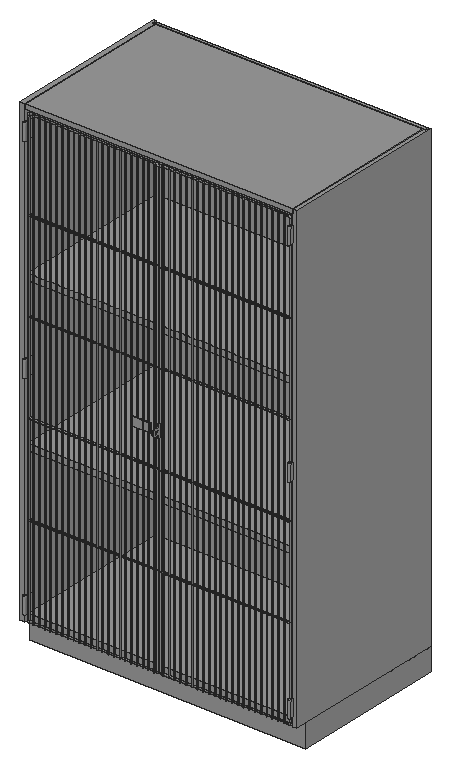
Revit family "TMI_M3028-Music_WireDoors1", category Casework, Revit 2016
Family settings
  OmniClass Number = 23.40.35.14.11
  OmniClass Title = Modular Casework
  Work Plane-Based = No
  Always vertical = Yes
  Cut with Voids When Loaded = No
  Shared = No
  Room Calculation Point = No
Parameters (values of type "48" x 84-1/2" x 29"")
  URL = "www.tmisystems.com"
  Toe Kick Height = 4"
  Toe Kick Depth = 2"
  Shelf Thickness = 1 1/8"
  Model = "M3028/M5028"
  Manufacturer = "TMI Systems Corporation"
  Interior Finish = none
  Individual Wire Grille Doors [instance] = not(Full Height Wire Grille Door)  # no
  Full Height Wire Grille Door [instance] = yes
  Filler Width (Left) [instance] = 3"
  Filler Right [instance] = no
  Filler Left [instance] = no
  Filler Width (Right) [instance] = 3"
  Description = "Baritone Saxophone, Bass Clarinet, Bassoon, Field Drums, Snare Drums"
  Depth = 29"
  Height = 84 1/2"
  Width = 48"
  Casework Thickness = 3/4"
  Casework Back Thickness = 1/2"
  Cabinet Finish = Plastic Laminate
  Assembly Code = ""
Types (2): name | Depth
  48" x 84-1/2" x 29" | 29"
  48" x 84-1/2" x 39" | 39"
Reference planes (in)
  plane 1 "Back": y = 15
  plane 2: z = 0
  plane 3 "Center (Left/Right)": x = 0.7377
  plane 4 "Left": x = -23.2623
  plane 5 "Right": x = 24.7377
  plane 6 "Front": y = -14
  plane 7 "Top": z = 84.5
  plane 8: y = 14.375
  plane 9: x = -22.5123
  plane 10: x = 23.9877
  plane 11: z = 83.75
  plane 12: y = 14.875
  plane 13: y = -12
  plane 14: z = 4
  plane 15: z = 5.125
  plane 16: y = -13.61906
  plane 17: y = -11.25
  plane 18: y = -13.25
  plane 19: z = 58.04167
  plane 20: y = -13.49461
  plane 21: z = 42.25
  plane 22: z = 83.25
  plane 23: x = 24.3627
  plane 24: x = -22.8873
  plane 25: z = 31.58333
  plane 26: y = -13.60344
  plane 27: x = -0.5748
  plane 28: y = -14.125
  plane 29: z = 70.88542
  plane 30: z = 44.33333
  plane 31: z = 17.87603
  plane 32: x = -3.7623
  plane 33: z = 42.83333
  plane 34: z = 69.38542
  plane 35: z = 16.37603
  plane 36: z = 42.5625
  plane 37: z = 41.0625
Forms (in)
  Extrusion 1, solid, material "Plastic Laminate" <- "Cabinet Finish"
    sketch origin (0, 0.21844, 0) x (1, 0, 0) y (0, 1, 0)
      loop
        line (-23.2623, 14.78156) -> (-23.2623, -14.21844) -> (-22.5123, -14.21844) -> (-22.5123, 14.15656) -> (-22.88677, 14.15656) -> (-22.88677, 14.78156) -> (-23.2623, 14.78156)
      loop
        line (24.36077, 14.78156) -> (24.36077, 14.15656) -> (23.9877, 14.15656) -> (23.9877, -14.21844) -> (24.7377, -14.21844) -> (24.7377, 14.78156) -> (24.36077, 14.78156)
    from 4 to 84.5
  Extrusion 2, solid, material "Plastic Laminate" <- "Cabinet Finish"
    sketch origin (0.84915, 11.94613, -1.44731) x (1, 0, 0) y (0, 0, 1)
      loop
        line (-23.36145, 6.57231) -> (-23.36145, 5.44731) -> (23.13855, 5.44731) -> (23.13855, 6.57231) -> (-23.36145, 6.57231)
    from -2.42887 to 25.54956
  Extrusion 3, solid, material "Plastic Laminate" <- "Cabinet Finish"
    sketch origin (0, 0, 0) x (1, 0, 0) y (0, 1, 0)
      loop
        line (-22.88677, 14.875) -> (-22.88677, 14.375) -> (24.36077, 14.375) -> (24.36077, 14.875) -> (-22.88677, 14.875)
    from 84.5 to 4
  Extrusion 4, solid, material "Plastic Laminate" <- "Cabinet Finish", visible <- "Filler Right"
    sketch origin (0, -14, 0) x (1, 0, 0) y (0, 0, 1)
      loop
        line (24.7377, 84.5) -> (24.7377, 4) -> (27.7377, 4) -> (27.7377, 84.5) -> (24.7377, 84.5)
    from -0.75 to 0
  Extrusion 5, solid, material "Plastic Laminate" <- "Cabinet Finish", visible <- "Filler Left"
    sketch origin (0, -14, 0) x (1, 0, 0) y (0, 0, 1)
      loop
        line (-26.2623, 84.5) -> (-26.2623, 4) -> (-23.2623, 4) -> (-23.2623, 84.5) -> (-26.2623, 84.5)
    from -0.75 to 0
  Extrusion 6, solid, material "Wood"
    sketch origin (0, 0, 0) x (1, 0, 0) y (0, 0, 1)
      loop
        line (24.7377, 4) -> (-23.2623, 4) -> (-23.2623, 0) -> (24.7377, 0) -> (24.7377, 4)
    from -15 to 12
  Extrusion 7, solid, material "Wood", visible <- "Filler Right"
    sketch origin (0, 0, 0) x (1, 0, 0) y (0, 0, 1)
      loop
        line (27.7377, 4) -> (24.7377, 4) -> (24.7377, 0) -> (27.7377, 0) -> (27.7377, 4)
    from 11.25 to 12
  Extrusion 8, solid, material "Wood", visible <- "Filler Left"
    sketch origin (125.55496, 281.27069, 30.6007) x (1, 0, 0) y (0, 0, 1)
      loop
        line (-148.81725, -26.6007) -> (-151.81725, -26.6007) -> (-151.81725, -30.6007) -> (-148.81725, -30.6007) -> (-148.81725, -26.6007)
    from 292.52069 to 293.27069
  Extrusion 9, solid, material "Plastic Laminate" <- "Cabinet Finish"
    sketch origin (0, -14, 0) x (1, 0, 0) y (0, 0, 1)
      loop
        line (-22.5123, 58.04167) -> (-22.5123, 56.91667) -> (23.9877, 56.91667) -> (23.9877, 58.04167) -> (-22.5123, 58.04167)
      loop
        line (-22.5123, 30.45833) -> (23.9877, 30.45833) -> (23.9877, 31.58333) -> (-22.5123, 31.58333) -> (-22.5123, 30.45833)
    from -28.375 to -0.50539
  Extrusion 10, solid, material "Plastic Laminate" <- "Cabinet Finish"
    sketch origin (0, 15, 0) x (1, 0, 0) y (0, 0, 1)
      loop
        line (-22.5123, 84.5) -> (-22.5123, 83.75) -> (23.9877, 83.75) -> (23.9877, 84.5) -> (-22.5123, 84.5)
    from 0.625 to 29
  Extrusion 11, solid, visible <- "Individual Wire Grille Doors"
    sketch origin (-37.50788, -14, -0.78593) x (1, 0, 0) y (0, 0, 1)
      loop
        line (33.74559, 18.66196) -> (33.74559, 17.16196) -> (36.93309, 17.16196) -> (36.93309, 18.66196) -> (33.74559, 18.66196)
    from 0 to 0.125
  Extrusion 12, solid, visible <- "Individual Wire Grille Doors"
    sketch origin (-40.50788, -14, 25.21407) x (1, 0, 0) y (0, 0, 1)
      loop
        line (36.74559, 19.11926) -> (36.74559, 17.61926) -> (39.93309, 17.61926) -> (39.93309, 19.11926) -> (36.74559, 19.11926)
    from 0 to 0.125
  Extrusion 13, solid, visible <- "Individual Wire Grille Doors"
    sketch origin (-42.50788, -14, 52.21407) x (1, 0, 0) y (0, 0, 1)
      loop
        line (38.74559, 18.67134) -> (38.74559, 17.17134) -> (41.93309, 17.17134) -> (41.93309, 18.67134) -> (38.74559, 18.67134)
    from 0 to 0.125
  Extrusion 14, solid, visible <- "Full Height Wire Grille Door"
    sketch origin (25.76874, -9, 5.96407) x (1, 0, 0) y (0, 0, 1)
      loop
        line (-29.53103, 36.59843) -> (-29.53103, 35.09843) -> (-26.34353, 35.09843) -> (-26.34353, 36.59843) -> (-29.53103, 36.59843)
    from 5 to 5.125
Lines and regions (in)
  Masking region 1
    outline origin (44.5, 0, 0) x (1, 0, 0) y (0, 1, 0)
      loop
        line (-67.7623, 15) -> (-67.7623, -14) -> (-19.7623, -14) -> (-19.7623, 15) -> (-67.7623, 15)
  Masking region 2, visible <- "Filler Left"
    outline origin (0, 0, 0) x (1, 0, 0) y (0, 1, 0)
      loop
        line (-26.2623, -13.25) -> (-26.2623, -14) -> (-23.2623, -14) -> (-23.2623, -13.25) -> (-26.2623, -13.25)
  Masking region 3, visible <- "Filler Right"
    outline origin (0, 0, 0) x (1, 0, 0) y (0, 1, 0)
      loop
        line (24.7377, -13.25) -> (24.7377, -14) -> (27.7377, -14) -> (27.7377, -13.25) -> (24.7377, -13.25)
  symbolic lines, style "CaseworkHiddenLines"
    curve 1: line (-0.1998, -14, 0) -> (-0.3248, -14, 0)
    curve 2: line (1.9252, -14, 0) -> (2.0502, -14, 0)
Dimensions and locks (in)
  "Width": plane 4 "Left" to plane 5 "Right"
  equal spacing: plane 4 "Left", plane 3 "Center (Left/Right)", plane 5 "Right"
  "Casework Thickness": plane 4 "Left" to plane 9
  "Casework Thickness": plane 10 to plane 5 "Right"
  "Casework Thickness": plane 7 "Top" to plane 11
  "Filler Width (Right)": plane 5 "Right" to Extrusion 4
  "Filler Width (Left)": Extrusion 5 to plane 4 "Left"
  "Depth": plane 6 "Front" to plane 1 "Back"
  locked: plane 12 to plane 1 "Back" at 0.125
  "Toe Kick Depth": plane 13 to plane 6 "Front"
  "Toe Kick Height": plane 14 to level
  "Height": plane 7 "Top" to level
  locked: plane 6 "Front" to plane 16 at 0.38094
  locked: plane 6 "Front" to plane 18 at 0.75
  locked: plane 17 to plane 13 at 0.75
  plane 16 to plane 20 = 0.12445"
  equal spacing: plane 7 "Top", plane 21, plane 2
  locked: plane 11 to plane 22 at 0.5
  "Shelf Thickness": plane 15 to plane 14
  equal spacing: plane 7 "Top", plane 19, plane 25, plane 15
  equal spacing: plane 4 "Left", plane 24, plane 9
  equal spacing: plane 10, plane 23, plane 5 "Right"
  "Casework Back Thickness": plane 12 to plane 8
  equal spacing: plane 24, plane 3 "Center (Left/Right)", plane 23
  "Shelf Thickness": plane 19 to Extrusion 9
  "Shelf Thickness": plane 25 to Extrusion 9
  locked: plane 16 to plane 26 at 0.01562
  locked: plane 3 "Center (Left/Right)" to plane 27 at 1.3125
  locked: plane 28 to plane 6 "Front" at 0.125
  locked: plane 31 to plane 35 at 1.5
  locked: plane 27 to plane 32 at 3.1875
  locked: plane 29 to plane 34 at 1.5
  locked: plane 30 to plane 33 at 1.5
  nested 4 to Extrusion 9 = 26.33333"
  locked: plane 36 to plane 14 at 38.5625
  locked: plane 36 to plane 37 at 1.5
  locked: nested 3 to plane 31 at 0.375
  locked: nested 4 to plane 29 at 0.36562
  locked: nested 5 to plane 30 at 0.37603
  aligned and locked: plane 2 to level
  aligned and locked: Extrusion 1 sketch curve to plane 4 "Left"
  aligned and locked: Extrusion 1 sketch curve to plane 9
  aligned and locked: Extrusion 1 sketch curve to plane 10
  aligned and locked: Extrusion 1 sketch curve to plane 5 "Right"
  aligned and locked: plane 1 "Back" to Extrusion 1
  aligned and locked: Extrusion 1 to plane 1 "Back"
  aligned and locked: Extrusion 3 sketch curve to plane 8
  aligned and locked: Extrusion 1 to plane 7 "Top"
  aligned and locked: plane 7 "Top" to Extrusion 4 sketch curve
  aligned and locked: Extrusion 4 sketch curve to plane 5 "Right"
  aligned and locked: Extrusion 5 sketch curve to plane 7 "Top"
  aligned and locked: Extrusion 7 to Extrusion 6
  aligned and locked: Extrusion 8 to Extrusion 6
  aligned and locked: plane 14 to Extrusion 8
  aligned and locked: Extrusion 6 to plane 14
  aligned and locked: Extrusion 7 to plane 14
  aligned and locked: plane 14 to Extrusion 4
  aligned and locked: Extrusion 5 to plane 14
  aligned and locked: Extrusion 1 to plane 14
  aligned and locked: Extrusion 2 to plane 14
  aligned and locked: Extrusion 2 to plane 15
  aligned and locked: Extrusion 6 to Extrusion 1
  aligned and locked: Masking region 1 sketch curve to plane 1 "Back"
  aligned and locked: Extrusion 8 to plane 13
  aligned and locked: plane 9 to Extrusion 9 sketch curve
  aligned and locked: Extrusion 9 sketch curve to plane 10  (x2)
  aligned and locked: Extrusion 9 to plane 8
  aligned and locked: plane 4 "Left" to Masking region 2 sketch curve
  aligned and locked: Masking region 3 sketch curve to plane 5 "Right"
  aligned and locked: plane 6 "Front" to Extrusion 1  (x2)
  aligned and locked: plane 6 "Front" to Extrusion 4
  aligned and locked: plane 6 "Front" to Extrusion 5
  aligned and locked: Extrusion 7 to plane 17
  aligned and locked: Extrusion 4 to plane 18
  aligned and locked: plane 18 to Extrusion 5
  aligned and locked: plane 17 to Extrusion 8
  aligned and locked: Extrusion 8 to Extrusion 5
  aligned and locked: Masking region 2 to Extrusion 5
  aligned and locked: plane 18 to Masking region 2
  aligned and locked: Extrusion 4 to Extrusion 7
  aligned and locked: Masking region 3 to Extrusion 4
  aligned and locked: Masking region 3 to plane 18
  aligned and locked: Extrusion 9 to plane 19
  aligned and locked: Extrusion 2 to plane 9
  aligned and locked: Extrusion 9 to plane 20
  aligned and locked: Extrusion 2 to plane 10
  aligned and locked: Extrusion 10 sketch curve to plane 11
  aligned and locked: plane 9 to Extrusion 10 sketch curve
  aligned and locked: Extrusion 10 sketch curve to plane 10
  aligned and locked: plane 6 "Front" to Extrusion 10
  aligned and locked: plane 9 to Extrusion 1
  aligned and locked: plane 6 "Front" to Masking region 1
  aligned and locked: Extrusion 10 to plane 7 "Top"
  aligned and locked: Extrusion 10 to plane 8
  aligned and locked: Extrusion 3 to Extrusion 1  (x2)
  aligned and locked: plane 8 to Extrusion 2
  aligned and locked: Extrusion 3 to plane 14
  aligned and locked: Extrusion 3 to plane 7 "Top"
  aligned and locked: Extrusion 9 sketch curve to plane 9
  aligned and locked: Extrusion 9 sketch curve to plane 25
  aligned and locked: Extrusion 2 to plane 26
  aligned and locked: nested 1 to plane 6 "Front"
  aligned and locked: plane 9 to nested 1
  aligned and locked: plane 22 to nested 1
  aligned and locked: nested 2 to plane 10
  aligned and locked: nested 2 to plane 22
  aligned and locked: plane 6 "Front" to nested 2
  aligned and locked: plane 22 to nested 4
  aligned and locked: Extrusion 9 to nested 5
  aligned and locked: nested 3 to plane 14
  aligned and locked: nested 3 to plane 6 "Front"
  aligned and locked: nested 5 to plane 6 "Front"
  aligned and locked: nested 4 to plane 6 "Front"
  aligned and locked: plane 9 to nested 3
  aligned and locked: plane 9 to nested 5
  aligned and locked: plane 9 to nested 4
  aligned and locked: plane 6 "Front" to nested 6
  aligned and locked: plane 6 "Front" to nested 8
  aligned and locked: plane 6 "Front" to nested 7
  aligned and locked: nested 7 to plane 22
  aligned and locked: nested 8 to Extrusion 9
  aligned and locked: nested 6 to plane 14
  aligned and locked: nested 6 to plane 10
  aligned and locked: nested 8 to plane 10
  aligned and locked: plane 10 to nested 7
  aligned and locked: Extrusion 8 to plane 2
  aligned and locked: Extrusion 11 to plane 6 "Front"
  aligned and locked: Extrusion 13 to plane 6 "Front"
  aligned and locked: Extrusion 12 to plane 6 "Front"
  aligned and locked: Extrusion 14 to plane 6 "Front"
  aligned and locked: Extrusion 12 to plane 28
  aligned and locked: Extrusion 13 to plane 28
  aligned and locked: Extrusion 11 to plane 28
  aligned and locked: Extrusion 14 to plane 28
  aligned and locked: plane 27 to Extrusion 11
  aligned and locked: plane 27 to Extrusion 12
  aligned and locked: plane 31 to Extrusion 11
  aligned and locked: plane 32 to Extrusion 11
  aligned and locked: plane 32 to Extrusion 12
  aligned and locked: plane 32 to Extrusion 13
  aligned and locked: plane 27 to Extrusion 13
  aligned and locked: plane 35 to Extrusion 11
  aligned and locked: plane 34 to Extrusion 13
  aligned and locked: plane 29 to Extrusion 13
  aligned and locked: plane 33 to Extrusion 12
  aligned and locked: plane 30 to Extrusion 12
  aligned and locked: plane 36 to Extrusion 14
  aligned and locked: Extrusion 14 to plane 37
  aligned and locked: plane 32 to Extrusion 14
  aligned and locked: plane 27 to Extrusion 14
Automatic sketch dimensions
  curve 1 to level = 0"
  curve 2 to level = 0"
  curve 1 to curve 1 = 1/8"
  curve 2 to curve 2 = 1/8"
  plane 3 "Center (Left/Right)" to curve 2 = 1 3/16"
  curve 1 to plane 3 "Center (Left/Right)" = 15/16"
  Extrusion 1 sketch curve to plane 1 "Back" = 0"
  Extrusion 1 sketch curve to plane 8 = 0"
  plane 1 "Back" to Extrusion 1 sketch curve = 0"
  plane 8 to Extrusion 1 sketch curve = 0"
  plane 6 "Front" to Extrusion 1 sketch curve = 0"  (x2)
  Extrusion 1 sketch curve to plane 24 = 0.00052"
  plane 23 to Extrusion 1 sketch curve = 0.00194"
  Extrusion 2 sketch curve to plane 9 = 0"
  plane 10 to Extrusion 2 sketch curve = 0"
  Extrusion 2 sketch curve to plane 14 = 0"
  Extrusion 2 sketch curve to plane 15 = 0"
  Extrusion 3 sketch curve to plane 12 = 0"
  Extrusion 3 sketch curve to plane 24 = 0.00052"
  plane 23 to Extrusion 3 sketch curve = 0.00194"
  Extrusion 4 sketch curve to plane 14 = 0"
  Extrusion 4 sketch curve to plane 5 "Right" = 3"
  Extrusion 5 sketch curve to plane 14 = 0"
  plane 4 "Left" to Extrusion 5 sketch curve = 0"
  Extrusion 5 sketch curve to Extrusion 5 sketch curve = 3"
  plane 4 "Left" to Extrusion 6 sketch curve = 0"
  Extrusion 6 sketch curve to level = 0"
  plane 5 "Right" to Extrusion 6 sketch curve = 0"
  Extrusion 6 sketch curve to plane 14 = 0"
  plane 5 "Right" to Extrusion 7 sketch curve = 0"
  Extrusion 7 sketch curve to level = 0"
  Extrusion 7 sketch curve to plane 14 = 0"
  Extrusion 7 sketch curve to plane 5 "Right" = 3"
  Extrusion 8 sketch curve to plane 14 = 0"
  plane 4 "Left" to Extrusion 8 sketch curve = 0"
  Extrusion 8 sketch curve to plane 25 = 31.58333"
  plane 4 "Left" to Extrusion 8 sketch curve = 3"
  Masking region 1 sketch curve to plane 4 "Left" = 0"
  Masking region 1 sketch curve to plane 5 "Right" = 0"
  plane 6 "Front" to Masking region 1 sketch curve = 0"
  Extrusion 9 sketch curve to plane 19 = 0"
  Extrusion 9 sketch curve to plane 25 = 1 1/8"
  Extrusion 9 sketch curve to Extrusion 9 sketch curve = 1 1/8"
  plane 6 "Front" to Masking region 2 sketch curve = 0"
  Masking region 2 sketch curve to plane 18 = 0"
  plane 4 "Left" to Masking region 2 sketch curve = 3"
  plane 6 "Front" to Masking region 3 sketch curve = 0"
  plane 18 to Masking region 3 sketch curve = 0"
  Masking region 3 sketch curve to Masking region 3 sketch curve = 3"
  Extrusion 10 sketch curve to plane 7 "Top" = 0"
  plane 5 "Right" to Extrusion 11 sketch curve = 28 1/2"
  Extrusion 11 sketch curve to Extrusion 11 sketch curve = 3 3/16"
  plane 15 to Extrusion 11 sketch curve = 11.25103"
  Extrusion 11 sketch curve to Extrusion 11 sketch curve = 1 1/2"
  plane 25 to Extrusion 12 sketch curve = 11 1/4"
  plane 5 "Right" to Extrusion 12 sketch curve = 28 1/2"
  Extrusion 12 sketch curve to Extrusion 12 sketch curve = 3 3/16"
  Extrusion 12 sketch curve to Extrusion 12 sketch curve = 1 1/2"
  plane 5 "Right" to Extrusion 13 sketch curve = 28 1/2"
  Extrusion 13 sketch curve to Extrusion 13 sketch curve = 3 3/16"
  Extrusion 13 sketch curve to plane 22 = 13.86458"
  Extrusion 13 sketch curve to Extrusion 13 sketch curve = 1 1/2"
  plane 19 to Extrusion 14 sketch curve = 16.97917"
  plane 5 "Right" to Extrusion 14 sketch curve = 28 1/2"
  Extrusion 14 sketch curve to Extrusion 14 sketch curve = 3 3/16"
  Extrusion 14 sketch curve to Extrusion 14 sketch curve = 1 1/2"
Nested families (in)
  nested 1: "Full Height Wire Grille Door 48in Wide (2 Doors)" at (-10.76315, -13.76369, 4), visible <- "Full Height Wire Grille Door", type "Full Height Wire Grille Door 48in Wide (2 Doors)"
    with Number of Verticle Bars 22, Bar Spacing 1"
  nested 2: "Full Height Wire Grille Door 48in Wide (2 Doors)" at (12.23856, -13.76369, 4) x (-1, 0, 0) z (0, 0, 1), visible <- "Full Height Wire Grille Door", type "Full Height Wire Grille Door 48in Wide (2 Doors)"
    with Number of Verticle Bars 22, Bar Spacing 1"
  nested 3: "Individual Wire Grille Door 27in Wide (2x3 Doors)" at (-10.76315, -13.76369, 4), visible <- "Individual Wire Grille Doors", type "Individual Wire Grille Door 27in Wide (2x3 Doors)"
    with Number of Verticle Bars 22, Bar Spacing 1"
  nested 4: "Individual Wire Grille Door 27in Wide (2x3 Doors)" at (-10.76315, -13.76369, 57), visible <- "Individual Wire Grille Doors", type "Individual Wire Grille Door 27in Wide (2x3 Doors)"
    with Number of Verticle Bars 22, Bar Spacing 1"
  nested 5: "Individual Wire Grille Door 27in Wide (2x3 Doors)" at (-10.76315, -13.76369, 30.45833), visible <- "Individual Wire Grille Doors", type "Individual Wire Grille Door 27in Wide (2x3 Doors)"
    with Number of Verticle Bars 22, Bar Spacing 1"
  nested 6: "Individual Wire Grille Door 27in Wide (2x3 Doors)" at (12.23856, -13.76369, 4) x (-1, 0, 0) z (0, 0, 1), visible <- "Individual Wire Grille Doors", type "Individual Wire Grille Door 27in Wide (2x3 Doors)"
    with Number of Verticle Bars 22, Bar Spacing 1"
  nested 7: "Individual Wire Grille Door 27in Wide (2x3 Doors)" at (12.23856, -13.76369, 57) x (-1, 0, 0) z (0, 0, 1), visible <- "Individual Wire Grille Doors", type "Individual Wire Grille Door 27in Wide (2x3 Doors)"
    with Number of Verticle Bars 22, Bar Spacing 1"
  nested 8: "Individual Wire Grille Door 27in Wide (2x3 Doors)" at (12.23856, -13.76369, 30.45833) x (-1, 0, 0) z (0, 0, 1), visible <- "Individual Wire Grille Doors", type "Individual Wire Grille Door 27in Wide (2x3 Doors)"
    with Number of Verticle Bars 22, Bar Spacing 1"
Definition of nested family "Full Height Wire Grille Door 48in Wide (2 Doors)"
  Parameters (values of type "Full Height Wire Grille Door 48in Wide (2 Doors)")
    Width = 22 1/2"
    Pull height from Bottom of Casework = 37 13/16"
    Number of Verticle Bars [instance] = (Width / Bar Spacing) - 1  # 22
    Height = 79 1/4"
    Distance of Hinge from Edge of Casework = 2 13/16"
    Bar Spacing [instance] = 1"
  Reference planes (in)
    plane 1 "Center (Front/Back)": y = 0
    plane 2: z = 0
    plane 3 "Center (Left/Right)": x = 0
    plane 4: x = -11.37415
    plane 5: x = -11.12585
    plane 6: z = 79.25
    plane 7: z = 79
    plane 8: z = 79.125
    plane 9: x = -11.25
    plane 10: x = 11.38138
    plane 11: x = 11.11862
    plane 12: x = 11.25
    plane 13: z = 0.25
    plane 14: z = 0.125
    plane 15: y = -0.125
    plane 16: z = 39.625
    plane 17: z = 47.525
    plane 18: z = 63.325
    plane 19: z = 31.725
    plane 20: z = 15.925
    plane 21: y = -0.17188
    plane 22: x = -10.25
    plane 23: y = 0.28516
    plane 24: y = -0.23631
    plane 25: z = 37.8125
    plane 26: z = 2.8125
    plane 27: z = 76.4375
    plane 28: z = 38.9375
    plane 29: x = -10.25
    plane 30: y = -0.17188
    plane 31: x = -9.25
    plane 32: y = -0.17188
    plane 33: x = -8.25
    plane 34: y = -0.17188
    plane 35: x = -7.25
    plane 36: y = -0.17188
    plane 37: x = -6.25
    plane 38: y = -0.17188
    plane 39: x = -5.25
    plane 40: y = -0.17188
    plane 41: x = -4.25
    plane 42: y = -0.17188
    plane 43: x = -3.25
    plane 44: y = -0.17188
    plane 45: x = -2.25
    plane 46: y = -0.17188
    plane 47: x = -1.25
    plane 48: y = -0.17188
    plane 49: x = -0.25
    plane 50: y = -0.17188
    plane 51: x = 0.75
    plane 52: y = -0.17188
    plane 53: x = 1.75
    plane 54: y = -0.17188
    plane 55: x = 2.75
    plane 56: y = -0.17188
    plane 57: x = 3.75
    plane 58: y = -0.17188
    plane 59: x = 4.75
    plane 60: y = -0.17188
    plane 61: x = 5.75
    plane 62: y = -0.17188
    plane 63: x = 6.75
    plane 64: y = -0.17188
    plane 65: x = 7.75
    plane 66: y = -0.17188
    plane 67: x = 8.75
    plane 68: y = -0.17188
    plane 69: x = 9.75
    plane 70: y = -0.17188
    plane 71: x = 10.75
    plane 72: y = -0.17188
  Forms (in)
    Sweep 1, solid
      path origin (0, 0, 0) x (1, 0, 0) y (0, 0, 1)
        loop
          arc (-11, 79.125) -> (-11.17678, 79.05178) -> (-11.25, 78.875) r 0.25
          line (-11.25, 78.875) -> (-11.25, 0.375)
          arc (-11.25, 0.375) -> (-11.17678, 0.19822) -> (-11, 0.125) r 0.25
          line (-11, 0.125) -> (11, 0.125)
          arc (11, 0.125) -> (11.17678, 0.19822) -> (11.25, 0.375) r 0.25
          line (11.25, 0.375) -> (11.25, 78.875)
          arc (11.25, 78.875) -> (11.17678, 79.05178) -> (11, 79.125) r 0.25
          line (11, 79.125) -> (-11, 79.125)
      profile "4 Circle : 4 Circle" origin (0, 0, 79.125) x (0, 0, 1) y (0, -1, 0)
        loop
          circle (0, 0) r 0.125
    Extrusion 2, solid
      sketch origin (0, 0, 0) x (0, 1, 0) y (0, 0, 1)
        loop
          circle (0, 63.325) r 0.125
        loop
          circle (0, 47.525) r 0.125
        loop
          circle (0, 15.925) r 0.125
        loop
          circle (0, 31.725) r 0.125
      from -11.25 to 11.25
    Extrusion 3, solid
      sketch origin (0, 0, 0) x (1, 0, 0) y (0, 1, 0)
        loop
          circle (-10.25, -0.17188) r 0.06444
      from 0 to 79.25
    Extrusion 4, solid
      sketch origin (1, 0, 0) x (1, 0, 0) y (0, 1, 0)
        loop
          circle (-10.25, -0.17188) r 0.06444
      from 0 to 79.25
    Extrusion 5, solid
      sketch origin (2, 0, 0) x (1, 0, 0) y (0, 1, 0)
        loop
          circle (-10.25, -0.17188) r 0.06444
      from 0 to 79.25
    Extrusion 6, solid
      sketch origin (3, 0, 0) x (1, 0, 0) y (0, 1, 0)
        loop
          circle (-10.25, -0.17188) r 0.06444
      from 0 to 79.25
    Extrusion 7, solid
      sketch origin (4, 0, 0) x (1, 0, 0) y (0, 1, 0)
        loop
          circle (-10.25, -0.17188) r 0.06444
      from 0 to 79.25
    Extrusion 8, solid
      sketch origin (5, 0, 0) x (1, 0, 0) y (0, 1, 0)
        loop
          circle (-10.25, -0.17188) r 0.06444
      from 0 to 79.25
    Extrusion 9, solid
      sketch origin (6, 0, 0) x (1, 0, 0) y (0, 1, 0)
        loop
          circle (-10.25, -0.17188) r 0.06444
      from 0 to 79.25
    Extrusion 10, solid
      sketch origin (7, 0, 0) x (1, 0, 0) y (0, 1, 0)
        loop
          circle (-10.25, -0.17188) r 0.06444
      from 0 to 79.25
    Extrusion 11, solid
      sketch origin (8, 0, 0) x (1, 0, 0) y (0, 1, 0)
        loop
          circle (-10.25, -0.17188) r 0.06444
      from 0 to 79.25
    Extrusion 12, solid
      sketch origin (9, 0, 0) x (1, 0, 0) y (0, 1, 0)
        loop
          circle (-10.25, -0.17188) r 0.06444
      from 0 to 79.25
    Extrusion 13, solid
      sketch origin (10, 0, 0) x (1, 0, 0) y (0, 1, 0)
        loop
          circle (-10.25, -0.17188) r 0.06444
      from 0 to 79.25
    Extrusion 14, solid
      sketch origin (11, 0, 0) x (1, 0, 0) y (0, 1, 0)
        loop
          circle (-10.25, -0.17188) r 0.06444
      from 0 to 79.25
    Extrusion 15, solid
      sketch origin (12, 0, 0) x (1, 0, 0) y (0, 1, 0)
        loop
          circle (-10.25, -0.17188) r 0.06444
      from 0 to 79.25
    Extrusion 16, solid
      sketch origin (13, 0, 0) x (1, 0, 0) y (0, 1, 0)
        loop
          circle (-10.25, -0.17188) r 0.06444
      from 0 to 79.25
    Extrusion 17, solid
      sketch origin (14, 0, 0) x (1, 0, 0) y (0, 1, 0)
        loop
          circle (-10.25, -0.17188) r 0.06444
      from 0 to 79.25
    Extrusion 18, solid
      sketch origin (15, 0, 0) x (1, 0, 0) y (0, 1, 0)
        loop
          circle (-10.25, -0.17188) r 0.06444
      from 0 to 79.25
    Extrusion 19, solid
      sketch origin (16, 0, 0) x (1, 0, 0) y (0, 1, 0)
        loop
          circle (-10.25, -0.17188) r 0.06444
      from 0 to 79.25
    Extrusion 20, solid
      sketch origin (17, 0, 0) x (1, 0, 0) y (0, 1, 0)
        loop
          circle (-10.25, -0.17188) r 0.06444
      from 0 to 79.25
    Extrusion 21, solid
      sketch origin (18, 0, 0) x (1, 0, 0) y (0, 1, 0)
        loop
          circle (-10.25, -0.17188) r 0.06444
      from 0 to 79.25
    Extrusion 22, solid
      sketch origin (19, 0, 0) x (1, 0, 0) y (0, 1, 0)
        loop
          circle (-10.25, -0.17188) r 0.06444
      from 0 to 79.25
    Extrusion 23, solid
      sketch origin (20, 0, 0) x (1, 0, 0) y (0, 1, 0)
        loop
          circle (-10.25, -0.17188) r 0.06444
      from 0 to 79.25
    Extrusion 24, solid
      sketch origin (21, 0, 0) x (1, 0, 0) y (0, 1, 0)
        loop
          circle (-10.25, -0.17188) r 0.06444
      from 0 to 79.25
  Lines and regions (in)
    model lines
      curve 1: line (11.27951, 0, 79.125) -> (-11.25002, 0, 39.625)
      curve 2: line (-11.25002, 0, 39.625) -> (11.25, 0, 0.125)
  Dimensions and locks (in)
    locked: plane 6 to plane 7 at 0.25
    equal spacing: plane 6, plane 8, plane 7
    equal spacing: plane 4, plane 9, plane 5
    locked: plane 4 to plane 5 at 0.24829
    equal spacing: plane 10, plane 12, plane 11
    plane 10 to plane 11 = 0.26276"
    equal spacing: plane 13, plane 14, plane 2
    locked: plane 13 to plane 2 at 0.25
    equal spacing: plane 12, plane 3 "Center (Left/Right)", plane 9
    locked: plane 15 to plane 1 "Center (Front/Back)" at 0.125
    "Width": plane 12 to plane 9
    "Height": plane 6 to plane 2
    plane 8 to plane 14 = 79"
    equal spacing: plane 8, plane 18, plane 17, plane 19, plane 20, plane 14
    "Bar Spacing": plane 9 to plane 22
    locked: plane 15 to plane 21 at 0.04688
    plane 1 "Center (Front/Back)" to plane 23 = 73/256"
    locked: plane 21 to plane 24 at 0.06444
    "Pull height from Bottom of Casework": plane 25 to plane 2
    "Distance of Hinge from Edge of Casework": plane 6 to plane 27
    "Distance of Hinge from Edge of Casework": plane 26 to plane 2
    equal spacing: plane 6, plane 16, level
    locked: plane 28 to plane 25 at 1.125
    equal spacing: group 1, group 2, group 3, group 4, group 5, group 6, group 7, group 8, group 9, group 10, group 11, group 12, group 13, group 14, group 15, group 16, group 17, group 18, group 19, group 20, group 21, group 22  (x3)
    aligned and locked: plane 2 to level
    aligned and locked: Sweep 1 sketch curve to plane 12
    aligned and locked: Sweep 1 sketch curve to plane 8
    aligned and locked: plane 9 to Sweep 1 sketch curve
    aligned and locked: plane 14 to Sweep 1 sketch curve
    aligned and locked: Extrusion 2 to plane 12
    aligned and locked: Extrusion 2 to plane 9
    aligned and locked: nested 1 to plane 10
    aligned and locked: plane 23 to nested 1
    aligned and locked: plane 10 to nested 1
    aligned and locked: nested 2 to plane 4
    aligned and locked: plane 24 to nested 2
    aligned and locked: nested 2 to plane 27
    aligned and locked: nested 3 to plane 4
    aligned and locked: plane 24 to nested 3
    aligned and locked: nested 3 to plane 26
    aligned and locked: nested 4 to plane 4
    aligned and locked: nested 4 to plane 16
    aligned and locked: plane 24 to nested 4
    aligned and locked: nested 1 to plane 28
    aligned and locked: Extrusion 3 to level
    aligned and locked: plane 6 to Extrusion 3
  Automatic sketch dimensions
    plane 5 to Sweep 1 sketch curve = 0.12585"
    Sweep 1 sketch curve to Sweep 1 sketch curve = 1/4"  (x2)
    plane 11 to Sweep 1 sketch curve = 0.11862"
    Extrusion 2 sketch curve to plane 1 "Center (Front/Back)" = 0"  (x4)
    Extrusion 2 sketch curve to plane 20 = 0"
    Extrusion 2 sketch curve to plane 19 = 0"
    Extrusion 2 sketch curve to plane 17 = 0"
    Extrusion 2 sketch curve to plane 18 = 0"
    curve 2 to plane 16 = 0"
    plane 12 to curve 2 = 0"
    curve 1 to plane 8 = 0"
    curve 2 to plane 14 = 0"
    curve 2 to plane 9 = 0"
    curve 1 to plane 12 = 0.02951"
    Extrusion 3 sketch curve to plane 29 = 0"
    Extrusion 3 sketch curve to plane 30 = 0"
    Extrusion 4 sketch curve to plane 31 = 0"
    Extrusion 4 sketch curve to plane 32 = 0"
    Extrusion 5 sketch curve to plane 33 = 0"
    Extrusion 5 sketch curve to plane 34 = 0"
    Extrusion 6 sketch curve to plane 35 = 0"
    Extrusion 6 sketch curve to plane 36 = 0"
    Extrusion 7 sketch curve to plane 37 = 0"
    Extrusion 7 sketch curve to plane 38 = 0"
    Extrusion 8 sketch curve to plane 39 = 0"
    Extrusion 8 sketch curve to plane 40 = 0"
    Extrusion 9 sketch curve to plane 41 = 0"
    Extrusion 9 sketch curve to plane 42 = 0"
    Extrusion 10 sketch curve to plane 43 = 0"
    Extrusion 10 sketch curve to plane 44 = 0"
    Extrusion 11 sketch curve to plane 45 = 0"
    Extrusion 11 sketch curve to plane 46 = 0"
    Extrusion 12 sketch curve to plane 47 = 0"
    Extrusion 12 sketch curve to plane 48 = 0"
    Extrusion 13 sketch curve to plane 49 = 0"
    Extrusion 13 sketch curve to plane 50 = 0"
    Extrusion 14 sketch curve to plane 51 = 0"
    Extrusion 14 sketch curve to plane 52 = 0"
    Extrusion 15 sketch curve to plane 53 = 0"
    Extrusion 15 sketch curve to plane 54 = 0"
    Extrusion 16 sketch curve to plane 55 = 0"
    Extrusion 16 sketch curve to plane 56 = 0"
    Extrusion 17 sketch curve to plane 57 = 0"
    Extrusion 17 sketch curve to plane 58 = 0"
    Extrusion 18 sketch curve to plane 59 = 0"
    Extrusion 18 sketch curve to plane 60 = 0"
    Extrusion 19 sketch curve to plane 61 = 0"
    Extrusion 19 sketch curve to plane 62 = 0"
    Extrusion 20 sketch curve to plane 63 = 0"
    Extrusion 20 sketch curve to plane 64 = 0"
    Extrusion 21 sketch curve to plane 65 = 0"
    Extrusion 21 sketch curve to plane 66 = 0"
    Extrusion 22 sketch curve to plane 67 = 0"
    Extrusion 22 sketch curve to plane 68 = 0"
    Extrusion 23 sketch curve to plane 69 = 0"
    Extrusion 23 sketch curve to plane 70 = 0"
    Extrusion 24 sketch curve to plane 71 = 0"
    Extrusion 24 sketch curve to plane 72 = 0"
    radius of Extrusion 2 sketch curve = 1/8"  (x4)
    radius of Extrusion 3 sketch curve = 0.06444"
    radius of Extrusion 4 sketch curve = 0.06444"
    radius of Extrusion 5 sketch curve = 0.06444"
    radius of Extrusion 6 sketch curve = 0.06444"
    radius of Extrusion 7 sketch curve = 0.06444"
    radius of Extrusion 8 sketch curve = 0.06444"
    radius of Extrusion 9 sketch curve = 0.06444"
    radius of Extrusion 10 sketch curve = 0.06444"
    radius of Extrusion 11 sketch curve = 0.06444"
    radius of Extrusion 12 sketch curve = 0.06444"
    radius of Extrusion 13 sketch curve = 0.06444"
    radius of Extrusion 14 sketch curve = 0.06444"
    radius of Extrusion 15 sketch curve = 0.06444"
    radius of Extrusion 16 sketch curve = 0.06444"
    radius of Extrusion 17 sketch curve = 0.06444"
    radius of Extrusion 18 sketch curve = 0.06444"
    radius of Extrusion 19 sketch curve = 0.06444"
    radius of Extrusion 20 sketch curve = 0.06444"
    radius of Extrusion 21 sketch curve = 0.06444"
    radius of Extrusion 22 sketch curve = 0.06444"
    radius of Extrusion 23 sketch curve = 0.06444"
    radius of Extrusion 24 sketch curve = 0.06444"
  Nested families (in)
    nested 1: "Pad Lock" at (11.38138, -0.33984, 37.8125), type "Pad Lock"
    nested 2: "5k hinge (music)" at (-11.5929, 0.76369, 75.03125) x (-1, 0, 0) z (0, 0, 1), type "5k hinge (music)"
      with Width 16"
    nested 3: "5k hinge (music)" at (-11.5929, 0.76369, 1.40625) x (-1, 0, 0) z (0, 0, 1), type "5k hinge (music)"
      with Width 16"
    nested 4: "5k hinge (music)" at (-11.5929, 0.76369, 38.21875) x (-1, 0, 0) z (0, 0, 1), type "5k hinge (music)"
      with Width 16"
  Definition of nested family "Pad Lock"
    Reference planes (in)
      plane 1 "Center (Front/Back)": y = 0
      plane 2: z = 0
      plane 3 "Center (Left/Right)": x = 0
      plane 4: z = 1.125
      plane 5: z = -1.125
      plane 6: y = -1.125
      plane 7: y = 0.625
      plane 8: y = -0.5625
      plane 9: x = 0.0625
    Forms (in)
      Extrusion 1, solid
        sketch origin (0, 0.00036, 0.01611) x (0, 0, 1) y (0, -1, 0)
          loop
            line (0.98389, 0) -> (0.56967, 0) -> (0.56967, 0.56286)
            arc (0.56967, 0.56286) -> (0, 1.13253) -> (-0.56967, 0.56286) r 0.56967
            line (-0.56967, 0.56286) -> (-0.56967, 0) -> (-1.01611, 0)
            arc (-1.01611, 0) -> (-1.1045, -0.03661) -> (-1.14111, -0.125) r 0.125
            line (-1.14111, -0.125) -> (-1.14111, -0.62464) -> (1.10889, -0.62464) -> (1.10889, -0.125)
            arc (1.10889, -0.125) -> (1.07227, -0.03661) -> (0.98389, 0) r 0.125
          loop
            circle (0, 0.56286) r 0.375
        from 0 to 0.0625
    Dimensions and locks (in)
      locked: plane 4 to plane 5 at 2.25
      locked: plane 6 to plane 7 at 1.75
      locked: plane 9 to plane 3 "Center (Left/Right)" at 0.0625
      equal spacing: plane 1 "Center (Front/Back)", plane 8, plane 6
      locked: plane 7 to plane 1 "Center (Front/Back)" at 0.625
      equal spacing: plane 5, plane 2, plane 4
      aligned and locked: plane 2 to level
      aligned and locked: plane 9 to Extrusion 1
    Automatic sketch dimensions
      Extrusion 1 sketch curve to Extrusion 1 sketch curve = 0"  (x2)
      Extrusion 1 sketch curve to plane 5 = 0"
      Extrusion 1 sketch curve to plane 8 = 0"
      plane 4 to Extrusion 1 sketch curve = 0"
      Extrusion 1 sketch curve to plane 7 = 0"
      Extrusion 1 sketch curve to plane 1 "Center (Front/Back)" = 0.00036"
      plane 5 to Extrusion 1 sketch curve = 1/8"
      Extrusion 1 sketch curve to level = 0.55355"
      level to Extrusion 1 sketch curve = 0.01611"
      Extrusion 1 sketch curve to Extrusion 1 sketch curve = 1/8"
      Extrusion 1 sketch curve to plane 1 "Center (Front/Back)" = 0.12536"
      radius of Extrusion 1 sketch curve = 3/8"
  Definition of nested family "5k hinge (music)"
    Parameters (values of type "5k hinge (music)")
      door thickness = 1"
      Width [instance] = 16"
      Hinge Distance from Door = 9/16"
      5K hinge size = 2 13/16"
    Reference planes (in)
      plane 1 "Center (Front/Back)": y = 0
      plane 2: z = 0
      plane 3 "Center (Left/Right)": x = 0
      plane 4: x = -0.15625
      plane 5: y = -1
      plane 6: y = -0.5
      plane 7: y = -1.5625
      plane 8: y = -1.28125
      plane 9: x = 0.15625
      plane 10: z = 2.8125
      plane 11: z = 1.40625
      plane 12: x = -0.21875
    Forms (in)
      Extrusion 1, solid
        sketch origin (-8.15625, 0, 0) x (1, 0, 0) y (0, 1, 0)
          loop
            line (8.15625, -1) -> (8.15625, -1.04949)
            arc (8.15625, -1.04949) -> (7.85521, -1.421) -> (8.3125, -1.28125) r 0.25
            line (8.3125, -1.28125) -> (8.3125, 0) -> (8.15625, 0) -> (7.9375, 0) -> (7.9375, -1) -> (8.15625, -1)
        from 0 to 2.8125
    Dimensions and locks (in)
      equal spacing: plane 1 "Center (Front/Back)", plane 6, plane 5
      "Hinge Distance from Door": plane 5 to plane 7
      equal spacing: plane 5, plane 8, plane 7
      "5K hinge size": plane 10 to plane 2
      "door thickness": plane 1 "Center (Front/Back)" to plane 5
      equal spacing: plane 10, plane 11, plane 2
      equal spacing: plane 4, plane 3 "Center (Left/Right)", plane 9
      plane 4 to plane 9 = 5/16"
      plane 12 to plane 4 = 1/16"
      aligned and locked: plane 2 to level
      aligned and locked: plane 5 to Extrusion 1 sketch curve
      aligned and locked: Extrusion 1 to plane 10
      aligned and locked: plane 9 to Extrusion 1
      aligned and locked: Extrusion 1 to plane 2
      aligned and locked: plane 12 to Extrusion 1 sketch curve
    Automatic sketch dimensions
      Extrusion 1 sketch curve to plane 8 = 0"
      plane 1 "Center (Front/Back)" to Extrusion 1 sketch curve = 0"
      Extrusion 1 sketch curve to plane 9 = 0"
      plane 4 to Extrusion 1 sketch curve = 1/16"
      Extrusion 1 sketch curve to plane 3 "Center (Left/Right)" = 0"  (x2)
Definition of nested family "Individual Wire Grille Door 27in Wide (2x3 Doors)"
  Parameters (values of type "Individual Wire Grille Door 27in Wide (2x3 Doors)")
    Width = 22 1/2"
    Pull height from Bottom of Casework = 33 13/16"
    Number of Verticle Bars [instance] = (Width / Bar Spacing) - 1  # 22
    Height = 26 1/4"
    Distance of Hinge from Edge of Casework = 2 13/16"
    Bar Spacing [instance] = 1"
  Reference planes (in)
    plane 1 "Center (Front/Back)": y = 0
    plane 2: z = 0
    plane 3 "Center (Left/Right)": x = 0
    plane 4: x = -11.37415
    plane 5: x = -11.12585
    plane 6: z = 26.25
    plane 7: z = 26
    plane 8: z = 26.125
    plane 9: x = -11.25
    plane 10: x = 11.38138
    plane 11: x = 11.11862
    plane 12: x = 11.25
    plane 13: z = 0.25
    plane 14: z = 0.125
    plane 15: y = -0.125
    plane 16: z = 13.125
    plane 17: y = -0.17188
    plane 18: y = 0.28516
    plane 19: y = -0.23631
    plane 20: z = 2.8125
    plane 21: z = 23.4375
    plane 22: z = 14.25103
    plane 23: x = -10.25
    plane 24: z = 13.125
  Forms (in)
    Sweep 1, solid
      path origin (0, 0, 0) x (1, 0, 0) y (0, 0, 1)
        loop
          arc (-11, 26.125) -> (-11.17678, 26.05178) -> (-11.25, 25.875) r 0.25
          line (-11.25, 25.875) -> (-11.25, 0.375)
          arc (-11.25, 0.375) -> (-11.17678, 0.19822) -> (-11, 0.125) r 0.25
          line (-11, 0.125) -> (11, 0.125)
          arc (11, 0.125) -> (11.17678, 0.19822) -> (11.25, 0.375) r 0.25
          line (11.25, 0.375) -> (11.25, 25.875)
          arc (11.25, 25.875) -> (11.17678, 26.05178) -> (11, 26.125) r 0.25
          line (11, 26.125) -> (-11, 26.125)
      profile "4 Circle : 4 Circle" origin (0, 0, 26.125) x (0, 0, 1) y (0, -1, 0)
        loop
          circle (0, 0) r 0.125
    Extrusion 2, solid
      sketch origin (0, 0, 0) x (0, 1, 0) y (0, 0, 1)
        loop
          circle (0, 13.125) r 0.125
      from -11.25 to 11.25
    Extrusion 3, solid
      sketch origin (1, 0, 0) x (1, 0, 0) y (0, 1, 0)
        loop
          circle (-11.25, -0.17188) r 0.06444
      from 0 to 26.25
    Extrusion 4, solid
      sketch origin (2, 0, 0) x (1, 0, 0) y (0, 1, 0)
        loop
          circle (-11.25, -0.17188) r 0.06444
      from 0 to 26.25
    Extrusion 5, solid
      sketch origin (3, 0, 0) x (1, 0, 0) y (0, 1, 0)
        loop
          circle (-11.25, -0.17188) r 0.06444
      from 0 to 26.25
    Extrusion 6, solid
      sketch origin (4, 0, 0) x (1, 0, 0) y (0, 1, 0)
        loop
          circle (-11.25, -0.17188) r 0.06444
      from 0 to 26.25
    Extrusion 7, solid
      sketch origin (5, 0, 0) x (1, 0, 0) y (0, 1, 0)
        loop
          circle (-11.25, -0.17188) r 0.06444
      from 0 to 26.25
    Extrusion 8, solid
      sketch origin (6, 0, 0) x (1, 0, 0) y (0, 1, 0)
        loop
          circle (-11.25, -0.17188) r 0.06444
      from 0 to 26.25
    Extrusion 9, solid
      sketch origin (7, 0, 0) x (1, 0, 0) y (0, 1, 0)
        loop
          circle (-11.25, -0.17188) r 0.06444
      from 0 to 26.25
    Extrusion 10, solid
      sketch origin (8, 0, 0) x (1, 0, 0) y (0, 1, 0)
        loop
          circle (-11.25, -0.17188) r 0.06444
      from 0 to 26.25
    Extrusion 11, solid
      sketch origin (9, 0, 0) x (1, 0, 0) y (0, 1, 0)
        loop
          circle (-11.25, -0.17188) r 0.06444
      from 0 to 26.25
    Extrusion 12, solid
      sketch origin (10, 0, 0) x (1, 0, 0) y (0, 1, 0)
        loop
          circle (-11.25, -0.17188) r 0.06444
      from 0 to 26.25
    Extrusion 13, solid
      sketch origin (11, 0, 0) x (1, 0, 0) y (0, 1, 0)
        loop
          circle (-11.25, -0.17188) r 0.06444
      from 0 to 26.25
    Extrusion 14, solid
      sketch origin (12, 0, 0) x (1, 0, 0) y (0, 1, 0)
        loop
          circle (-11.25, -0.17188) r 0.06444
      from 0 to 26.25
    Extrusion 15, solid
      sketch origin (13, 0, 0) x (1, 0, 0) y (0, 1, 0)
        loop
          circle (-11.25, -0.17188) r 0.06444
      from 0 to 26.25
    Extrusion 16, solid
      sketch origin (14, 0, 0) x (1, 0, 0) y (0, 1, 0)
        loop
          circle (-11.25, -0.17188) r 0.06444
      from 0 to 26.25
    Extrusion 17, solid
      sketch origin (15, 0, 0) x (1, 0, 0) y (0, 1, 0)
        loop
          circle (-11.25, -0.17188) r 0.06444
      from 0 to 26.25
    Extrusion 18, solid
      sketch origin (16, 0, 0) x (1, 0, 0) y (0, 1, 0)
        loop
          circle (-11.25, -0.17188) r 0.06444
      from 0 to 26.25
    Extrusion 19, solid
      sketch origin (17, 0, 0) x (1, 0, 0) y (0, 1, 0)
        loop
          circle (-11.25, -0.17188) r 0.06444
      from 0 to 26.25
    Extrusion 20, solid
      sketch origin (18, 0, 0) x (1, 0, 0) y (0, 1, 0)
        loop
          circle (-11.25, -0.17188) r 0.06444
      from 0 to 26.25
    Extrusion 21, solid
      sketch origin (19, 0, 0) x (1, 0, 0) y (0, 1, 0)
        loop
          circle (-11.25, -0.17188) r 0.06444
      from 0 to 26.25
    Extrusion 22, solid
      sketch origin (20, 0, 0) x (1, 0, 0) y (0, 1, 0)
        loop
          circle (-11.25, -0.17188) r 0.06444
      from 0 to 26.25
    Extrusion 23, solid
      sketch origin (21, 0, 0) x (1, 0, 0) y (0, 1, 0)
        loop
          circle (-11.25, -0.17188) r 0.06444
      from 0 to 26.25
    Extrusion 24, solid
      sketch origin (22, 0, 0) x (1, 0, 0) y (0, 1, 0)
        loop
          circle (-11.25, -0.17188) r 0.06444
      from 0 to 26.25
  Lines and regions (in)
    model lines
      curve 1: line (11.25, 0, 26.125) -> (-11.25, 0, 13.125)
      curve 2: line (-11.25, 0, 13.125) -> (11.25, 0, 0.125)
  Dimensions and locks (in)
    equal spacing: plane 4, plane 9, plane 5
    locked: plane 4 to plane 5 at 0.24829
    equal spacing: plane 10, plane 12, plane 11
    plane 10 to plane 11 = 0.26276"
    equal spacing: plane 13, plane 14, plane 2
    locked: plane 13 to plane 2 at 0.25
    equal spacing: plane 12, plane 3 "Center (Left/Right)", plane 9
    locked: plane 15 to plane 1 "Center (Front/Back)" at 0.125
    "Width": plane 12 to plane 9
    plane 8 to plane 14 = 26"
    locked: plane 15 to plane 17 at 0.04688
    plane 1 "Center (Front/Back)" to plane 18 = 73/256"
    locked: plane 17 to plane 19 at 0.06444
    "Distance of Hinge from Edge of Casework": plane 20 to plane 2
    locked: plane 22 to plane 16 at 1.12603
    "Height": plane 6 to plane 2
    locked: plane 6 to plane 7 at 0.25
    plane 6 to plane 8 to plane 7 = 1/8", 1/8"
    locked: plane 9 to plane 23 at 1
    "Distance of Hinge from Edge of Casework": plane 6 to plane 21
    equal spacing: plane 6, plane 16, level, locked at 13.125 each
    equal spacing: group 1, group 2, group 3, group 4, group 5, group 6, group 7, group 8, group 9, group 10, group 11, group 12, group 13, group 14, group 15, group 16, group 17, group 18, group 19, group 20, group 21, group 22  (x3)
    aligned and locked: Sweep 1 sketch curve to plane 12
    aligned and locked: plane 9 to Sweep 1 sketch curve
    aligned and locked: plane 14 to Sweep 1 sketch curve
    aligned and locked: nested 1 to plane 10
    aligned and locked: plane 18 to nested 1
    aligned and locked: plane 10 to nested 1
    aligned and locked: nested 2 to plane 4
    aligned and locked: plane 19 to nested 2
    aligned and locked: nested 2 to plane 21
    aligned and locked: nested 3 to plane 4
    aligned and locked: plane 19 to nested 3
    aligned and locked: nested 3 to plane 20
    aligned and locked: Extrusion 2 to plane 9
    aligned and locked: Extrusion 2 to plane 12
    aligned and locked: nested 1 to plane 22
    aligned and locked: plane 2 to level
    aligned and locked: Sweep 1 sketch curve to plane 8
    aligned and locked: Extrusion 3 to plane 2
    aligned and locked: plane 6 to Extrusion 3
    aligned and locked: plane 16 to plane 24
  Automatic sketch dimensions
    Extrusion 2 sketch curve to plane 1 "Center (Front/Back)" = 0"
    Extrusion 2 sketch curve to plane 16 = 0"
    plane 5 to Sweep 1 sketch curve = 0.12585"  (x2)
    plane 11 to Sweep 1 sketch curve = 0.11862"  (x2)
    curve 2 to plane 9 = 0"
    plane 12 to curve 2 = 0"
    curve 1 to plane 8 = 0"
    curve 1 to plane 12 = 0"
    curve 2 to plane 14 = 0"
    curve 1 to plane 16 = 0"
    radius of Extrusion 2 sketch curve = 1/8"
    radius of Extrusion 3 sketch curve = 0.06444"
    radius of Extrusion 4 sketch curve = 0.06444"
    radius of Extrusion 5 sketch curve = 0.06444"
    radius of Extrusion 6 sketch curve = 0.06444"
    radius of Extrusion 7 sketch curve = 0.06444"
    radius of Extrusion 8 sketch curve = 0.06444"
    radius of Extrusion 9 sketch curve = 0.06444"
    radius of Extrusion 10 sketch curve = 0.06444"
    radius of Extrusion 11 sketch curve = 0.06444"
    radius of Extrusion 12 sketch curve = 0.06444"
    radius of Extrusion 13 sketch curve = 0.06444"
    radius of Extrusion 14 sketch curve = 0.06444"
    radius of Extrusion 15 sketch curve = 0.06444"
    radius of Extrusion 16 sketch curve = 0.06444"
    radius of Extrusion 17 sketch curve = 0.06444"
    radius of Extrusion 18 sketch curve = 0.06444"
    radius of Extrusion 19 sketch curve = 0.06444"
    radius of Extrusion 20 sketch curve = 0.06444"
    radius of Extrusion 21 sketch curve = 0.06444"
    radius of Extrusion 22 sketch curve = 0.06444"
    radius of Extrusion 23 sketch curve = 0.06444"
    radius of Extrusion 24 sketch curve = 0.06444"
  Nested families (in)
    nested 1: "Pad Lock" at (11.38138, -0.33984, 13.12603), type "Pad Lock"
    nested 2: "5k hinge (music)" at (-11.5929, 0.76369, 22.03125) x (-1, 0, 0) z (0, 0, 1), type "5k hinge (music)"
      with Width 16"
    nested 3: "5k hinge (music)" at (-11.5929, 0.76369, 1.40625) x (-1, 0, 0) z (0, 0, 1), type "5k hinge (music)"
      with Width 16"
  Definition of nested family "Pad Lock"
    Reference planes (in)
      plane 1 "Center (Front/Back)": y = 0
      plane 2: z = 0
      plane 3 "Center (Left/Right)": x = 0
      plane 4: z = 1.125
      plane 5: z = -1.125
      plane 6: y = -1.125
      plane 7: y = 0.625
      plane 8: y = -0.5625
      plane 9: x = 0.0625
    Forms (in)
      Extrusion 1, solid
        sketch origin (0, 0.00036, 0.01611) x (0, 0, 1) y (0, -1, 0)
          loop
            line (0.98389, 0) -> (0.56967, 0) -> (0.56967, 0.56286)
            arc (0.56967, 0.56286) -> (0, 1.13253) -> (-0.56967, 0.56286) r 0.56967
            line (-0.56967, 0.56286) -> (-0.56967, 0) -> (-1.01611, 0)
            arc (-1.01611, 0) -> (-1.1045, -0.03661) -> (-1.14111, -0.125) r 0.125
            line (-1.14111, -0.125) -> (-1.14111, -0.62464) -> (1.10889, -0.62464) -> (1.10889, -0.125)
            arc (1.10889, -0.125) -> (1.07227, -0.03661) -> (0.98389, 0) r 0.125
          loop
            circle (0, 0.56286) r 0.375
        from 0 to 0.0625
    Dimensions and locks (in)
      locked: plane 4 to plane 5 at 2.25
      locked: plane 6 to plane 7 at 1.75
      locked: plane 9 to plane 3 "Center (Left/Right)" at 0.0625
      equal spacing: plane 1 "Center (Front/Back)", plane 8, plane 6
      locked: plane 7 to plane 1 "Center (Front/Back)" at 0.625
      equal spacing: plane 5, plane 2, plane 4
      aligned and locked: plane 2 to level
      aligned and locked: plane 9 to Extrusion 1
    Automatic sketch dimensions
      Extrusion 1 sketch curve to Extrusion 1 sketch curve = 0"  (x2)
      Extrusion 1 sketch curve to plane 5 = 0"
      Extrusion 1 sketch curve to plane 8 = 0"
      plane 4 to Extrusion 1 sketch curve = 0"
      Extrusion 1 sketch curve to plane 7 = 0"
      Extrusion 1 sketch curve to plane 1 "Center (Front/Back)" = 0.00036"
      plane 5 to Extrusion 1 sketch curve = 1/8"
      Extrusion 1 sketch curve to level = 0.55355"
      level to Extrusion 1 sketch curve = 0.01611"
      Extrusion 1 sketch curve to Extrusion 1 sketch curve = 1/8"
      Extrusion 1 sketch curve to plane 1 "Center (Front/Back)" = 0.12536"
      radius of Extrusion 1 sketch curve = 3/8"
  Definition of nested family "5k hinge (music)"
    Parameters (values of type "5k hinge (music)")
      door thickness = 1"
      Width [instance] = 16"
      Hinge Distance from Door = 9/16"
      5K hinge size = 2 13/16"
    Reference planes (in)
      plane 1 "Center (Front/Back)": y = 0
      plane 2: z = 0
      plane 3 "Center (Left/Right)": x = 0
      plane 4: x = -0.15625
      plane 5: y = -1
      plane 6: y = -0.5
      plane 7: y = -1.5625
      plane 8: y = -1.28125
      plane 9: x = 0.15625
      plane 10: z = 2.8125
      plane 11: z = 1.40625
      plane 12: x = -0.21875
    Forms (in)
      Extrusion 1, solid
        sketch origin (-8.15625, 0, 0) x (1, 0, 0) y (0, 1, 0)
          loop
            line (8.15625, -1) -> (8.15625, -1.04949)
            arc (8.15625, -1.04949) -> (7.85521, -1.421) -> (8.3125, -1.28125) r 0.25
            line (8.3125, -1.28125) -> (8.3125, 0) -> (8.15625, 0) -> (7.9375, 0) -> (7.9375, -1) -> (8.15625, -1)
        from 0 to 2.8125
    Dimensions and locks (in)
      equal spacing: plane 1 "Center (Front/Back)", plane 6, plane 5
      "Hinge Distance from Door": plane 5 to plane 7
      equal spacing: plane 5, plane 8, plane 7
      "5K hinge size": plane 10 to plane 2
      "door thickness": plane 1 "Center (Front/Back)" to plane 5
      equal spacing: plane 10, plane 11, plane 2
      equal spacing: plane 4, plane 3 "Center (Left/Right)", plane 9
      plane 4 to plane 9 = 5/16"
      plane 12 to plane 4 = 1/16"
      aligned and locked: plane 2 to level
      aligned and locked: plane 5 to Extrusion 1 sketch curve
      aligned and locked: Extrusion 1 to plane 10
      aligned and locked: plane 9 to Extrusion 1
      aligned and locked: Extrusion 1 to plane 2
      aligned and locked: plane 12 to Extrusion 1 sketch curve
    Automatic sketch dimensions
      Extrusion 1 sketch curve to plane 8 = 0"
      plane 1 "Center (Front/Back)" to Extrusion 1 sketch curve = 0"
      Extrusion 1 sketch curve to plane 9 = 0"
      plane 4 to Extrusion 1 sketch curve = 1/16"
      Extrusion 1 sketch curve to plane 3 "Center (Left/Right)" = 0"  (x2)
